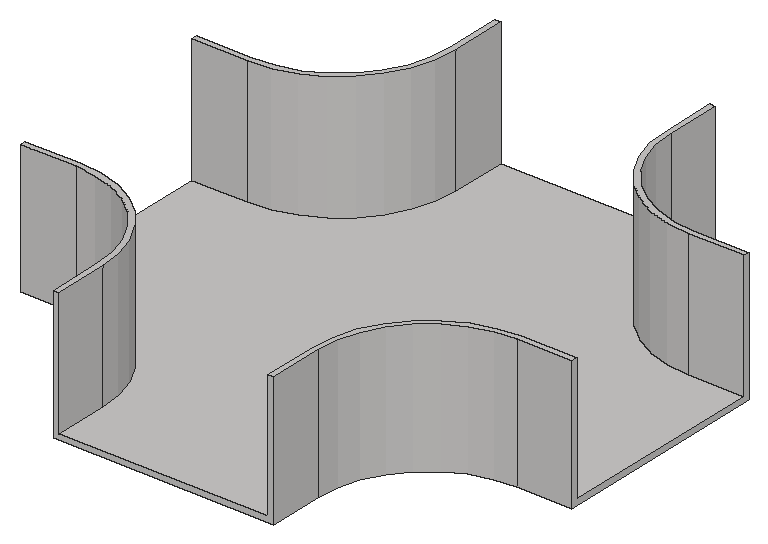
Revit family "S4R_OBO BETTERMANN_CableTray_DoubleTee_RK FT", category Cable Tray Fittings, Revit 2012
Parameters
  Wholesaler = ""
  Watermarked By = "www.stabiplan.com"
  WIDTH3 [instance] = 100 mm
  WIDTH1 [instance] = 100 mm
  VERSION = "91900"  # constant formula
  URL = "www.stabiplan.com"
  built-in parameter 1140111 [instance] = 2.6 mm
  TYPE [instance] = "RK FT"  # constant formula
  StabiCAD_PM = ""
  Smallest_L3_L4 [instance] = if(LENGTH3 - WIDTH1 / 2 > LENGTH4 - WIDTH1 / 2, LENGTH3 - WIDTH1 / 2, LENGTH4 - WIDTH1 / 2)  # 75 mm
  Smallest_L1_L2 [instance] = if(LENGTH1 - WIDTH3 / 2 > LENGTH2 - WIDTH3 / 2, LENGTH2 - WIDTH3 / 2, LENGTH1 - WIDTH3 / 2)  # 75 mm
  SmallestLength [instance] = if(Smallest_L1_L2 > Smallest_L3_L4, Smallest_L3_L4, Smallest_L1_L2)  # 75 mm
  RadiusWithThickness [instance] = Radius + [built-in parameter 1140111]  # 52.6 mm
  Radius Label [instance] = 490 mm
  Radius [instance] = if(WIDTH1 < 400 mm, 50 mm, 150 mm)  # 50 mm
  PRODUCTLINE [instance] = "OBO BETTERMANN"  # constant formula
  Manufacturer = "OBO BETTERMANN CableTrays"  # constant formula
  LENGTH4 [instance] = if(and(WIDTH1 = 100 mm, HEIGHT1 = 60 mm, WIDTH3 = 100 mm, ANGLE2 = 90.00°), 125 mm, if(and(WIDTH1 = 150 mm, HEIGHT1 = 60 mm, WIDTH3 = 150 mm, ANGLE2 = 90.00°), 150 mm, if(and(WIDTH1 = 200 mm, HEIGHT1 = 60 mm, WIDTH3 = 200 mm, ANGLE2 = 90.00°), 175 mm, if(and(WIDTH1 = 300 mm, HEIGHT1 = 60 mm, WIDTH3 = 300 mm, ANGLE2 = 90.00°), 225 mm, if(and(WIDTH1 = 400 mm, HEIGHT1 = 60 mm, WIDTH3 = 400 mm, ANGLE2 = 90.00°), 455 mm, if(and(WIDTH1 = 500 mm, HEIGHT1 = 60 mm, WIDTH3 = 500 mm, ANGLE2 = 90.00°), 505 mm, if(and(WIDTH1 = 600 mm, HEIGHT1 = 60 mm, WIDTH3 = 600 mm, ANGLE2 = 90.00°), 605 mm, WIDTH1 * 2)))))))  # 125 mm
  LENGTH3 [instance] = if(and(WIDTH1 = 100 mm, HEIGHT1 = 60 mm, WIDTH3 = 100 mm, ANGLE2 = 90.00°), 125 mm, if(and(WIDTH1 = 150 mm, HEIGHT1 = 60 mm, WIDTH3 = 150 mm, ANGLE2 = 90.00°), 150 mm, if(and(WIDTH1 = 200 mm, HEIGHT1 = 60 mm, WIDTH3 = 200 mm, ANGLE2 = 90.00°), 175 mm, if(and(WIDTH1 = 300 mm, HEIGHT1 = 60 mm, WIDTH3 = 300 mm, ANGLE2 = 90.00°), 225 mm, if(and(WIDTH1 = 400 mm, HEIGHT1 = 60 mm, WIDTH3 = 400 mm, ANGLE2 = 90.00°), 455 mm, if(and(WIDTH1 = 500 mm, HEIGHT1 = 60 mm, WIDTH3 = 500 mm, ANGLE2 = 90.00°), 505 mm, if(and(WIDTH1 = 600 mm, HEIGHT1 = 60 mm, WIDTH3 = 600 mm, ANGLE2 = 90.00°), 605 mm, WIDTH1 * 2)))))))  # 125 mm
  LENGTH2 [instance] = if(and(WIDTH1 = 100 mm, HEIGHT1 = 60 mm, WIDTH3 = 100 mm, ANGLE2 = 90.00°), 125 mm, if(and(WIDTH1 = 150 mm, HEIGHT1 = 60 mm, WIDTH3 = 150 mm, ANGLE2 = 90.00°), 150 mm, if(and(WIDTH1 = 200 mm, HEIGHT1 = 60 mm, WIDTH3 = 200 mm, ANGLE2 = 90.00°), 175 mm, if(and(WIDTH1 = 300 mm, HEIGHT1 = 60 mm, WIDTH3 = 300 mm, ANGLE2 = 90.00°), 225 mm, if(and(WIDTH1 = 400 mm, HEIGHT1 = 60 mm, WIDTH3 = 400 mm, ANGLE2 = 90.00°), 455 mm, if(and(WIDTH1 = 500 mm, HEIGHT1 = 60 mm, WIDTH3 = 500 mm, ANGLE2 = 90.00°), 505 mm, if(and(WIDTH1 = 600 mm, HEIGHT1 = 60 mm, WIDTH3 = 600 mm, ANGLE2 = 90.00°), 605 mm, WIDTH1 * 2)))))))  # 125 mm
  LENGTH1 [instance] = if(and(WIDTH1 = 100 mm, HEIGHT1 = 60 mm, WIDTH3 = 100 mm, ANGLE2 = 90.00°), 125 mm, if(and(WIDTH1 = 150 mm, HEIGHT1 = 60 mm, WIDTH3 = 150 mm, ANGLE2 = 90.00°), 150 mm, if(and(WIDTH1 = 200 mm, HEIGHT1 = 60 mm, WIDTH3 = 200 mm, ANGLE2 = 90.00°), 175 mm, if(and(WIDTH1 = 300 mm, HEIGHT1 = 60 mm, WIDTH3 = 300 mm, ANGLE2 = 90.00°), 225 mm, if(and(WIDTH1 = 400 mm, HEIGHT1 = 60 mm, WIDTH3 = 400 mm, ANGLE2 = 90.00°), 455 mm, if(and(WIDTH1 = 500 mm, HEIGHT1 = 60 mm, WIDTH3 = 500 mm, ANGLE2 = 90.00°), 505 mm, if(and(WIDTH1 = 600 mm, HEIGHT1 = 60 mm, WIDTH3 = 600 mm, ANGLE2 = 90.00°), 605 mm, WIDTH1 * 2)))))))  # 125 mm
  Internal art.no. = ""
  ISCUSTOM [instance] = if(and(WIDTH1 = 100 mm, HEIGHT1 = 60 mm, WIDTH3 = 100 mm, ANGLE2 = 90.00°), 1 = 0, if(and(WIDTH1 = 150 mm, HEIGHT1 = 60 mm, WIDTH3 = 150 mm, ANGLE2 = 90.00°), 1 = 0, if(and(WIDTH1 = 200 mm, HEIGHT1 = 60 mm, WIDTH3 = 200 mm, ANGLE2 = 90.00°), 1 = 0, if(and(WIDTH1 = 300 mm, HEIGHT1 = 60 mm, WIDTH3 = 300 mm, ANGLE2 = 90.00°), 1 = 0, if(and(WIDTH1 = 400 mm, HEIGHT1 = 60 mm, WIDTH3 = 400 mm, ANGLE2 = 90.00°), 1 = 0, if(and(WIDTH1 = 500 mm, HEIGHT1 = 60 mm, WIDTH3 = 500 mm, ANGLE2 = 90.00°), 1 = 0, if(and(WIDTH1 = 600 mm, HEIGHT1 = 60 mm, WIDTH3 = 600 mm, ANGLE2 = 90.00°), 1 = 0, 1 = 1)))))))  # no
  IFCExportType = ""
  IFCExportAs = ""
  HEIGHT1 [instance] = 60 mm
  GTINNUMBER [instance] = if(and(WIDTH1 = 100 mm, HEIGHT1 = 60 mm, WIDTH3 = 100 mm, ANGLE2 = 90.00°), "4012196991709", if(and(WIDTH1 = 150 mm, HEIGHT1 = 60 mm, WIDTH3 = 150 mm, ANGLE2 = 90.00°), "4012196901630", if(and(WIDTH1 = 200 mm, HEIGHT1 = 60 mm, WIDTH3 = 200 mm, ANGLE2 = 90.00°), "4012196991761", if(and(WIDTH1 = 300 mm, HEIGHT1 = 60 mm, WIDTH3 = 300 mm, ANGLE2 = 90.00°), "4012196991822", if(and(WIDTH1 = 400 mm, HEIGHT1 = 60 mm, WIDTH3 = 400 mm, ANGLE2 = 90.00°), "4012196243730", if(and(WIDTH1 = 500 mm, HEIGHT1 = 60 mm, WIDTH3 = 500 mm, ANGLE2 = 90.00°), "4012196243792", if(and(WIDTH1 = 600 mm, HEIGHT1 = 60 mm, WIDTH3 = 600 mm, ANGLE2 = 90.00°), "4012196243853", "Unknown")))))))  # "4012196991709"
  ETIM article class = ""
  Description = "Horizontal CableTray Double Tee"
  DEEPLINK = "http://catalog2.obo-bettermann.com/catalogue/catalogue.do?forward=showProductGroup&act=showIO&favOid=kts_6164&action=showManyProducts&lang=en&OID=kts_6164&catId="
  Copyright = "© Stabiplan BV / Stabiplan International BV"  # constant formula
  CT4 [instance] = 1
  CT3 [instance] = 1
  CT2 [instance] = 1
  CT1 [instance] = 1
  BodyColor = Steel
  Assembly Code = ""
  ARTICLENUMBER [instance] = if(and(WIDTH1 = 100 mm, HEIGHT1 = 60 mm, WIDTH3 = 100 mm, ANGLE2 = 90.00°), "7113110", if(and(WIDTH1 = 150 mm, HEIGHT1 = 60 mm, WIDTH3 = 150 mm, ANGLE2 = 90.00°), "7113158", if(and(WIDTH1 = 200 mm, HEIGHT1 = 60 mm, WIDTH3 = 200 mm, ANGLE2 = 90.00°), "7113218", if(and(WIDTH1 = 300 mm, HEIGHT1 = 60 mm, WIDTH3 = 300 mm, ANGLE2 = 90.00°), "7113315", if(and(WIDTH1 = 400 mm, HEIGHT1 = 60 mm, WIDTH3 = 400 mm, ANGLE2 = 90.00°), "7113404", if(and(WIDTH1 = 500 mm, HEIGHT1 = 60 mm, WIDTH3 = 500 mm, ANGLE2 = 90.00°), "7113501", if(and(WIDTH1 = 600 mm, HEIGHT1 = 60 mm, WIDTH3 = 600 mm, ANGLE2 = 90.00°), "7113609", "Unknown")))))))  # "7113110"
  ARTICLEDESCRIPTION [instance] = "Horizontal CableTray Double Tee"
  ANGLE2 [instance] = 90.00°  # constant formula
Reference planes
  plane 1 "Center (Front/Back)": y = 0
  plane 2: z = 0
  plane 3 "Center (Left/Right)": x = 0
  plane 4: y = 50
  plane 5: y = -50
  plane 6: z = 30
  plane 7: z = -30
  plane 8: y = -100
  plane 9: x = -50
  plane 10: x = 50
  plane 11: x = -100
  plane 12: x = 100
  plane 13: y = -47.4
  plane 14: y = 47.4
  plane 15: y = -125
  plane 16: x = -47.4
  plane 17: x = 47.4
  plane 18: x = -125
  plane 19: x = 125
  plane 20: z = -27.4
  plane 21: y = 100
  plane 22: y = 125
Forms (mm)
  Extrusion 1, solid, material "Steel" <- "BodyColor", detail levels fine
    sketch origin (0, 0, 0) x (1, 0, 0) y (0, 1, 0)
      loop
        arc (-100, -50) -> (-64.645, -64.645) -> (-50, -100) r 50
        line (-50, -100) -> (-50, -125) -> (-47.4, -125) -> (-47.4, -100)
        arc (-47.4, -100) -> (-62.806, -62.806) -> (-100, -47.4) r 52.6
        line (-100, -47.4) -> (-125, -47.4) -> (-125, -50) -> (-100, -50)
      loop
        line (100, -50) -> (125, -50) -> (125, -47.4) -> (100, -47.4)
        arc (100, -47.4) -> (62.806, -62.806) -> (47.4, -100) r 52.6
        line (47.4, -100) -> (47.4, -125) -> (50, -125) -> (50, -100)
        arc (50, -100) -> (64.645, -64.645) -> (100, -50) r 50
      loop
        arc (-50, 100) -> (-64.645, 64.645) -> (-100, 50) r 50
        line (-100, 50) -> (-125, 50) -> (-125, 47.4) -> (-100, 47.4)
        arc (-100, 47.4) -> (-62.806, 62.806) -> (-47.4, 100) r 52.6
        line (-47.4, 100) -> (-47.4, 125) -> (-50, 125) -> (-50, 100)
      loop
        line (47.4, 125) -> (47.4, 100)
        arc (47.4, 100) -> (62.806, 62.806) -> (100, 47.4) r 52.6
        line (100, 47.4) -> (125, 47.4) -> (125, 50) -> (100, 50)
        arc (100, 50) -> (64.645, 64.645) -> (50, 100) r 50
        line (50, 100) -> (50, 125) -> (47.4, 125)
    from -30 to 30
  Extrusion 2, solid, material "Steel" <- "BodyColor", detail levels fine
    sketch origin (0, 0, 0) x (1, 0, 0) y (0, 1, 0)
      loop
        arc (-100, -50) -> (-64.645, -64.645) -> (-50, -100) r 50
        line (-50, -100) -> (-50, -125) -> (50, -125) -> (50, -100)
        arc (50, -100) -> (64.645, -64.645) -> (100, -50) r 50
        line (100, -50) -> (125, -50) -> (125, 50) -> (100, 50)
        arc (100, 50) -> (64.645, 64.645) -> (50, 100) r 50
        line (50, 100) -> (50, 125) -> (-50, 125) -> (-50, 100)
        arc (-50, 100) -> (-64.645, 64.645) -> (-100, 50) r 50
        line (-100, 50) -> (-125, 50) -> (-125, -50) -> (-100, -50)
    from -30 to -27.4
  Extrusion 3, solid, material "Steel" <- "BodyColor", detail levels medium
    sketch origin (0, 0, 0) x (1, 0, 0) y (0, 1, 0)
      loop
        arc (-100, -50) -> (-64.645, -64.645) -> (-50, -100) r 50
        line (-50, -100) -> (-50, -125) -> (50, -125) -> (50, -100)
        arc (50, -100) -> (64.645, -64.645) -> (100, -50) r 50
        line (100, -50) -> (125, -50) -> (125, 50) -> (100, 50)
        arc (100, 50) -> (64.645, 64.645) -> (50, 100) r 50
        line (50, 100) -> (50, 125) -> (-50, 125) -> (-50, 100)
        arc (-50, 100) -> (-64.645, 64.645) -> (-100, 50) r 50
        line (-100, 50) -> (-125, 50) -> (-125, -50) -> (-100, -50)
    from -30 to 30
Cuts and joins
  joined: Extrusion 1, Extrusion 2
Lines and regions (mm)
  model lines, style "Coarse", detail levels coarse
    curve 1: line (-125, 0, 0) -> (125, 0, 0)
    curve 2: line (0, 0, 0) -> (0, -125, 0)
    curve 3: line (0, 125, 0) -> (0, 0, 0)
Dimensions and locks
  equal spacing: plane 4, plane 1 "Center (Front/Back)", plane 5
  "WIDTH1": plane 4 to plane 5
  equal spacing: plane 6, plane 2, plane 7
  "HEIGHT1": plane 6 to plane 7
  "Radius": plane 5 to plane 8
  equal spacing: plane 9, plane 3 "Center (Left/Right)", plane 10
  "WIDTH3": plane 9 to plane 10
  "Radius": plane 11 to plane 9
  "Radius": plane 10 to plane 12
  "built-in parameter 1140111": plane 13 to plane 5
  "built-in parameter 1140111": plane 4 to plane 14
  "built-in parameter 1140111": plane 9 to plane 16
  "built-in parameter 1140111": plane 17 to plane 10
  "built-in parameter 1140111": plane 20 to plane 7
  "Radius": plane 21 to plane 4
  "LENGTH1": plane 18 to plane 3 "Center (Left/Right)"
  "LENGTH2": plane 3 "Center (Left/Right)" to plane 19
  "LENGTH3": plane 1 "Center (Front/Back)" to plane 22
  "LENGTH4": plane 15 to plane 1 "Center (Front/Back)"
  "Radius": radius of Extrusion 1 sketch curve  (x4)
  "RadiusWithThickness": radius of Extrusion 1 sketch curve  (x4)
  "Radius": radius of Extrusion 2 sketch curve  (x4)
  "Radius": radius of Extrusion 3 sketch curve  (x4)
  aligned and locked: plane 8 to Extrusion 1 sketch curve  (x8)
  aligned and locked: plane 11 to Extrusion 1 sketch curve  (x6)
  aligned and locked: Extrusion 1 sketch curve to plane 13
  aligned and locked: plane 18 to Extrusion 1 sketch curve  (x2)
  aligned and locked: Extrusion 1 sketch curve to plane 5
  aligned and locked: Extrusion 1 sketch curve to plane 9  (x2)
  aligned and locked: plane 15 to Extrusion 1 sketch curve  (x2)
  aligned and locked: Extrusion 1 sketch curve to plane 16  (x2)
  aligned and locked: plane 16 to Extrusion 1 sketch curve
  aligned and locked: plane 9 to Extrusion 1 sketch curve
  aligned and locked: Extrusion 1 sketch curve to plane 15  (x2)
  aligned and locked: Extrusion 1 sketch curve to plane 18  (x2)
  aligned and locked: Extrusion 1 to plane 7
  aligned and locked: plane 6 to Extrusion 1
  aligned and locked: plane 12 to Extrusion 1 sketch curve  (x6)
  aligned and locked: plane 19 to Extrusion 1 sketch curve  (x3)
  aligned and locked: plane 5 to Extrusion 1 sketch curve
  aligned and locked: plane 13 to Extrusion 1 sketch curve
  aligned and locked: Extrusion 1 sketch curve to plane 19
  aligned and locked: Extrusion 1 sketch curve to plane 17
  aligned and locked: Extrusion 1 sketch curve to plane 10  (x2)
  aligned and locked: plane 10 to Extrusion 1 sketch curve
  aligned and locked: plane 17 to Extrusion 1 sketch curve  (x2)
  aligned and locked: plane 8 to Extrusion 2 sketch curve  (x4)
  aligned and locked: plane 11 to Extrusion 2 sketch curve  (x4)
  aligned and locked: plane 12 to Extrusion 2 sketch curve  (x4)
  aligned and locked: plane 18 to Extrusion 2 sketch curve  (x2)
  aligned and locked: Extrusion 2 sketch curve to plane 5
  aligned and locked: plane 4 to Extrusion 2 sketch curve
  aligned and locked: plane 5 to Extrusion 2 sketch curve
  aligned and locked: plane 19 to Extrusion 2 sketch curve  (x2)
  aligned and locked: plane 15 to Extrusion 2 sketch curve
  aligned and locked: plane 10 to Extrusion 2 sketch curve
  aligned and locked: plane 9 to Extrusion 2 sketch curve
  aligned and locked: Extrusion 2 sketch curve to plane 15
  aligned and locked: Extrusion 2 to plane 7
  aligned and locked: plane 20 to Extrusion 2
  aligned and locked: plane 8 to Extrusion 3 sketch curve  (x3)
  aligned and locked: plane 11 to Extrusion 3 sketch curve  (x4)
  aligned and locked: plane 18 to Extrusion 3 sketch curve  (x2)
  aligned and locked: Extrusion 3 sketch curve to plane 5  (x2)
  aligned and locked: plane 4 to Extrusion 3 sketch curve  (x2)
  aligned and locked: plane 5 to Extrusion 3 sketch curve
  aligned and locked: plane 12 to Extrusion 3 sketch curve  (x3)
  aligned and locked: plane 19 to Extrusion 3 sketch curve  (x2)
  aligned and locked: plane 15 to Extrusion 3 sketch curve
  aligned and locked: Extrusion 3 sketch curve to plane 10  (x2)
  aligned and locked: plane 10 to Extrusion 3 sketch curve
  aligned and locked: plane 9 to Extrusion 3 sketch curve
  aligned and locked: Extrusion 3 sketch curve to plane 15
  aligned and locked: Extrusion 3 to plane 7
  aligned and locked: plane 6 to Extrusion 3
  aligned and locked: plane 19 to curve 1
  aligned and locked: plane 1 "Center (Front/Back)" to curve 2
  aligned and locked: curve 2 to plane 3 "Center (Left/Right)"
  aligned and locked: plane 21 to Extrusion 1 sketch curve  (x6)
  aligned and locked: Extrusion 1 sketch curve to plane 14  (x2)
  aligned and locked: Extrusion 1 sketch curve to plane 4  (x2)
  aligned and locked: plane 22 to Extrusion 1 sketch curve  (x4)
  aligned and locked: plane 4 to Extrusion 1 sketch curve
  aligned and locked: plane 14 to Extrusion 1 sketch curve
  aligned and locked: plane 21 to Extrusion 3 sketch curve  (x3)
  aligned and locked: Extrusion 3 sketch curve to plane 4
  aligned and locked: plane 22 to Extrusion 3 sketch curve  (x2)
  aligned and locked: Extrusion 3 sketch curve to plane 9
  aligned and locked: plane 21 to Extrusion 2 sketch curve  (x3)
  aligned and locked: plane 22 to Extrusion 2 sketch curve  (x2)
  aligned and locked: Extrusion 2 sketch curve to plane 9
  aligned and locked: Extrusion 2 sketch curve to plane 10
  aligned and locked: Extrusion 2 sketch curve to plane 4
  aligned and locked: curve 3 to plane 3 "Center (Left/Right)"
Automatic sketch dimensions
  curve 1 to plane 18 = 0 mm
  curve 2 to plane 15 = 0 mm
  plane 22 to curve 3 = 0 mm
Connectors
  cabletrayconduit at (-125, 0, 0), driven by "HEIGHT1", driven by "WIDTH1"
    settings: on Extrusion 3, index 1, connector width 100 mm, connector height 60 mm, connector radius 304.8 mm, connector angle 0.00°, system type 32, placement type 0, profile type 1, connector reference index 2, is primary connector yes, connector utility param no, connector description ""
  cabletrayconduit at (125, 0, 0), driven by "HEIGHT1", driven by "WIDTH1"
    settings: on Extrusion 3, index 2, connector width 100 mm, connector height 60 mm, connector radius 304.8 mm, connector angle 0.00°, system type 32, placement type 0, profile type 1, connector reference index 1, is primary connector no, connector utility param no, connector description ""
  cabletrayconduit at (0, -125, 0), driven by "HEIGHT1", driven by "WIDTH3"
    settings: on Extrusion 3, index 3, connector width 100 mm, connector height 60 mm, connector radius 304.8 mm, connector angle 0.00°, system type 32, placement type 0, profile type 1, connector reference index 4, is primary connector no, connector utility param no, connector description ""
  cabletrayconduit at (0, 125, 0), driven by "HEIGHT1", driven by "WIDTH3"
    settings: on Extrusion 3, index 4, connector width 100 mm, connector height 60 mm, connector radius 304.8 mm, connector angle 0.00°, system type 32, placement type 0, profile type 1, connector reference index 3, is primary connector no, connector utility param no, connector description ""
